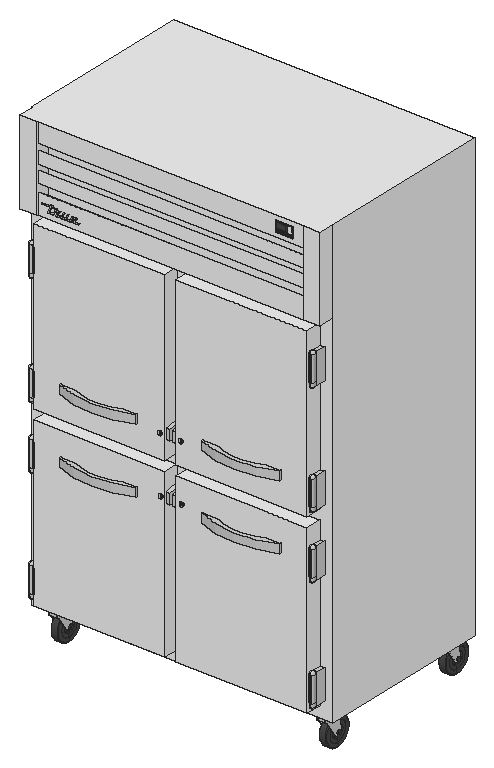
Revit family (continued)
Automatic sketch dimensions
  Extrusion 9 sketch curve to Extrusion 9 sketch curve = 0.06385"
  Extrusion 9 sketch curve to Extrusion 9 sketch curve = 0.02906"
  Extrusion 9 sketch curve to Extrusion 9 sketch curve = 0.02851"
  Extrusion 9 sketch curve to Extrusion 9 sketch curve = 0.29237"
  Extrusion 9 sketch curve to Extrusion 9 sketch curve = 0.00537"
  Extrusion 9 sketch curve to Extrusion 9 sketch curve = 0.0406"
  Extrusion 9 sketch curve to Extrusion 9 sketch curve = 0.04327"
  Extrusion 9 sketch curve to Extrusion 9 sketch curve = 0.02615"
  Extrusion 9 sketch curve to Extrusion 9 sketch curve = 0.11806"
  Extrusion 9 sketch curve to Extrusion 9 sketch curve = 0.15103"
  Extrusion 9 sketch curve to Extrusion 9 sketch curve = 0.10007"
  Extrusion 9 sketch curve to Extrusion 9 sketch curve = 0.5254"
  Extrusion 9 sketch curve to Extrusion 9 sketch curve = 0.14787"
  Extrusion 9 sketch curve to plane 6 "TOP" = 13.64562"
  Extrusion 9 sketch curve to Extrusion 9 sketch curve = 0.07275"
  Extrusion 9 sketch curve to Extrusion 9 sketch curve = 0.05776"
  Extrusion 9 sketch curve to Extrusion 9 sketch curve = 0.08631"
  Extrusion 9 sketch curve to Extrusion 9 sketch curve = 0.09282"
  Extrusion 9 sketch curve to Extrusion 9 sketch curve = 0.13018"
  Extrusion 9 sketch curve to Extrusion 9 sketch curve = 0.16714"
  Extrusion 9 sketch curve to Extrusion 9 sketch curve = 0.11061"
  Extrusion 9 sketch curve to Extrusion 9 sketch curve = 0.06046"
  Extrusion 9 sketch curve to Extrusion 9 sketch curve = 0.16548"
  Extrusion 9 sketch curve to Extrusion 9 sketch curve = 0.14279"
  Extrusion 9 sketch curve to Extrusion 9 sketch curve = 0.0496"
  Extrusion 9 sketch curve to Extrusion 9 sketch curve = 0.07293"
  Extrusion 9 sketch curve to Extrusion 9 sketch curve = 0.07764"
  Extrusion 9 sketch curve to Extrusion 9 sketch curve = 0.03794"
  Extrusion 9 sketch curve to Extrusion 9 sketch curve = 0.08552"
  Extrusion 9 sketch curve to Extrusion 9 sketch curve = 0.09296"
  Extrusion 9 sketch curve to Extrusion 9 sketch curve = 0.09314"
  Extrusion 9 sketch curve to Extrusion 9 sketch curve = 0.02781"
  Extrusion 9 sketch curve to Extrusion 9 sketch curve = 0.04981"
  Extrusion 9 sketch curve to Extrusion 9 sketch curve = 0.09315"
  Extrusion 9 sketch curve to Extrusion 9 sketch curve = 0.04799"
  Extrusion 9 sketch curve to Extrusion 9 sketch curve = 0.02531"
  Extrusion 9 sketch curve to Extrusion 9 sketch curve = 0.03054"
  Extrusion 9 sketch curve to Extrusion 9 sketch curve = 0.2589"
  Extrusion 9 sketch curve to Extrusion 9 sketch curve = 0.0674"
  Extrusion 9 sketch curve to Extrusion 9 sketch curve = 0.0324"
  Extrusion 9 sketch curve to Extrusion 9 sketch curve = 0.26185"
  Extrusion 9 sketch curve to Extrusion 9 sketch curve = 11/256"
  Extrusion 9 sketch curve to Extrusion 9 sketch curve = 0.07366"
  Extrusion 9 sketch curve to Extrusion 9 sketch curve = 0.02187"
  Extrusion 9 sketch curve to Extrusion 9 sketch curve = 0.06479"
  Extrusion 9 sketch curve to Extrusion 9 sketch curve = 0.01183"
  Extrusion 9 sketch curve to Extrusion 9 sketch curve = 0.05778"
  Extrusion 9 sketch curve to Extrusion 9 sketch curve = 0.53375"
  Extrusion 9 sketch curve to Extrusion 9 sketch curve = 0.23098"
  Extrusion 9 sketch curve to Extrusion 9 sketch curve = 0"
  Extrusion 9 sketch curve to Extrusion 9 sketch curve = 0.05045"
  Extrusion 9 sketch curve to Extrusion 9 sketch curve = 0.09139"
  Extrusion 9 sketch curve to Extrusion 9 sketch curve = 29/128"  (x3)
  Extrusion 10 sketch curve to plane 10 = 13/32"
  Extrusion 10 sketch curve to plane 6 "TOP" = 2 1/8"
  plane 5 "FRONT" to Extrusion 11 sketch curve = 0"  (x2)
  plane 9 to Extrusion 11 sketch curve = 4.2625"
  Extrusion 11 sketch curve to Extrusion 11 sketch curve = 2.4"  (x2)
  plane 8 to Extrusion 11 sketch curve = 12 13/32"
  Extrusion 11 sketch curve to Extrusion 11 sketch curve = 0"
  plane 5 "FRONT" to Extrusion 11 sketch curve = 0.2"
  Extrusion 11 sketch curve to plane 5 "FRONT" = 7.77899"
  Extrusion 11 sketch curve to Extrusion 11 sketch curve = 7.30945"
  plane 8 to Blend 12 sketch curve = 15/16"  (x2)
  plane 8 to Blend 12 sketch curve = 3/16"
  plane 7 to Blend 12 sketch curve = 35.99169"
  Blend 12 sketch curve to Blend 12 sketch curve = 1 3/4"
  plane 8 to Blend 12 sketch curve = 0.00527"
  plane 7 to Blend 12 sketch curve = 35.3941"
  Blend 12 sketch curve to Blend 12 sketch curve = 2.78233"
  Blend 13 sketch curve to plane 8 = 1 3/32"
  Blend 13 sketch curve to plane 8 = 11/32"
  plane 7 to Blend 13 sketch curve = 37.74169"
  Blend 13 sketch curve to Blend 13 sketch curve = 1 3/4"
  plane 8 to Blend 13 sketch curve = 1 3/32"
  plane 8 to Blend 13 sketch curve = 0.16152"
  Blend 13 sketch curve to plane 7 = 35.3941"
  Blend 13 sketch curve to Blend 13 sketch curve = 2.78233"
  Extrusion 14 sketch curve to plane 5 "FRONT" = 1/2"
  Extrusion 14 sketch curve to Extrusion 14 sketch curve = 0.43503"
  Extrusion 14 sketch curve to Extrusion 14 sketch curve = 0.20453"
  Extrusion 14 sketch curve to Extrusion 14 sketch curve = 1.61044"
  Extrusion 14 sketch curve to plane 6 "TOP" = 24.88873"
  Extrusion 14 sketch curve to Extrusion 14 sketch curve = 0.71221"
  Extrusion 14 sketch curve to Extrusion 14 sketch curve = 4.39928"
  Revolve 15 sketch curve to plane 5 "FRONT" = 0.07771"  (x2)
  Revolve 15 sketch curve to Revolve 15 sketch curve = 0.38242"
  Revolve 15 sketch curve to Revolve 15 sketch curve = 0.38436"
  Revolve 15 sketch curve to plane 5 "FRONT" = 31/64"
  Revolve 15 sketch curve to Revolve 15 sketch curve = 0.40666"
  Revolve 15 sketch curve to Revolve 15 sketch curve = 0"
  Revolve 15 sketch curve to plane 6 "TOP" = 25.07719"
  Revolve 15 sketch curve to Revolve 15 sketch curve = 0.32931"
  Revolve 15 sketch curve to Revolve 15 sketch curve = 0.51246"
  Revolve 15 sketch curve to Revolve 15 sketch curve = 0.05342"
  Revolve 15 sketch curve to Revolve 15 sketch curve = 4.42889"
  Revolve 15 sketch curve to Revolve 15 sketch curve = 0.04281"
  Revolve 15 sketch curve to Revolve 15 sketch curve = 0.18929"
  Revolve 15 sketch curve to Revolve 15 sketch curve = 0.55526"
  Extrusion 16 sketch curve to plane 9 = 0.96009"
  Extrusion 16 sketch curve to Extrusion 16 sketch curve = 0.39759"
  Extrusion 16 sketch curve to plane 6 "TOP" = 24.12421"
  Extrusion 16 sketch curve to Extrusion 16 sketch curve = 4.47281"
  Extrusion 17 sketch curve to plane 5 "FRONT" = 1/2"
  Extrusion 17 sketch curve to Extrusion 17 sketch curve = 0.43503"
  Extrusion 17 sketch curve to Extrusion 17 sketch curve = 0.20453"
  Extrusion 17 sketch curve to Extrusion 17 sketch curve = 1.61044"
  plane 7 to Extrusion 17 sketch curve = 33.61127"
  Extrusion 17 sketch curve to Extrusion 17 sketch curve = 0.71221"
  Extrusion 17 sketch curve to Extrusion 17 sketch curve = 4.39928"
  Revolve 18 sketch curve to plane 5 "FRONT" = 0.07771"  (x2)
  Revolve 18 sketch curve to Revolve 18 sketch curve = 0.38242"
  Revolve 18 sketch curve to Revolve 18 sketch curve = 0.38436"
  Revolve 18 sketch curve to plane 5 "FRONT" = 31/64"
  Revolve 18 sketch curve to Revolve 18 sketch curve = 0.40666"
  Revolve 18 sketch curve to Revolve 18 sketch curve = 0"
  plane 7 to Revolve 18 sketch curve = 33.42281"
  Revolve 18 sketch curve to Revolve 18 sketch curve = 0.32931"
  Revolve 18 sketch curve to Revolve 18 sketch curve = 0.51246"
  Revolve 18 sketch curve to Revolve 18 sketch curve = 0.05342"
  Revolve 18 sketch curve to Revolve 18 sketch curve = 4.42889"
  Revolve 18 sketch curve to Revolve 18 sketch curve = 0.04281"
  Revolve 18 sketch curve to Revolve 18 sketch curve = 0.18929"
  Revolve 18 sketch curve to Revolve 18 sketch curve = 0.55526"
  Extrusion 19 sketch curve to plane 9 = 0.96009"
  Extrusion 19 sketch curve to Extrusion 19 sketch curve = 0.39759"
  plane 7 to Extrusion 19 sketch curve = 34.37579"
  Extrusion 19 sketch curve to Extrusion 19 sketch curve = 4.47281"
  Extrusion 20 sketch curve to plane 5 "FRONT" = 1/2"
  Extrusion 20 sketch curve to Extrusion 20 sketch curve = 0.43503"
  Extrusion 20 sketch curve to Extrusion 20 sketch curve = 0.20453"
  Extrusion 20 sketch curve to Extrusion 20 sketch curve = 1.61044"
  plane 7 to Extrusion 20 sketch curve = 22.61127"
  Extrusion 20 sketch curve to Extrusion 20 sketch curve = 0.71221"
  Extrusion 20 sketch curve to Extrusion 20 sketch curve = 4.39928"
  Revolve 21 sketch curve to plane 5 "FRONT" = 0.07771"  (x2)
  Revolve 21 sketch curve to Revolve 21 sketch curve = 0.38242"
  Revolve 21 sketch curve to Revolve 21 sketch curve = 0.38436"
  Revolve 21 sketch curve to plane 5 "FRONT" = 31/64"
  Revolve 21 sketch curve to Revolve 21 sketch curve = 0.40666"
  Revolve 21 sketch curve to Revolve 21 sketch curve = 0"
  plane 7 to Revolve 21 sketch curve = 22.42281"
  Revolve 21 sketch curve to Revolve 21 sketch curve = 0.32931"
  Revolve 21 sketch curve to Revolve 21 sketch curve = 0.51246"
  Revolve 21 sketch curve to Revolve 21 sketch curve = 0.05342"
  Revolve 21 sketch curve to Revolve 21 sketch curve = 4.42889"
  Revolve 21 sketch curve to Revolve 21 sketch curve = 0.04281"
  Revolve 21 sketch curve to Revolve 21 sketch curve = 0.18929"
  Revolve 21 sketch curve to Revolve 21 sketch curve = 0.55526"
  Extrusion 22 sketch curve to plane 9 = 0.96009"
  Extrusion 22 sketch curve to Extrusion 22 sketch curve = 0.39759"
  plane 7 to Extrusion 22 sketch curve = 23.37579"
  Extrusion 22 sketch curve to Extrusion 22 sketch curve = 4.47281"
  Extrusion 23 sketch curve to plane 5 "FRONT" = 1/2"
  Extrusion 23 sketch curve to Extrusion 23 sketch curve = 0.43503"
  Extrusion 23 sketch curve to Extrusion 23 sketch curve = 0.20453"
  Extrusion 23 sketch curve to Extrusion 23 sketch curve = 1.61044"
  plane 7 to Extrusion 23 sketch curve = 2.86127"
  Extrusion 23 sketch curve to Extrusion 23 sketch curve = 0.71221"
  Extrusion 23 sketch curve to Extrusion 23 sketch curve = 4.39928"
  Revolve 24 sketch curve to plane 5 "FRONT" = 0.07771"  (x2)
  Revolve 24 sketch curve to Revolve 24 sketch curve = 0.38242"
  Revolve 24 sketch curve to Revolve 24 sketch curve = 0.38436"
  Revolve 24 sketch curve to plane 5 "FRONT" = 31/64"
  Revolve 24 sketch curve to Revolve 24 sketch curve = 0.40666"
  Revolve 24 sketch curve to Revolve 24 sketch curve = 0"
  plane 7 to Revolve 24 sketch curve = 2.67281"
  Revolve 24 sketch curve to Revolve 24 sketch curve = 0.32931"
  Revolve 24 sketch curve to Revolve 24 sketch curve = 0.51246"
  Revolve 24 sketch curve to Revolve 24 sketch curve = 0.05342"
  Revolve 24 sketch curve to Revolve 24 sketch curve = 4.42889"
  Revolve 24 sketch curve to Revolve 24 sketch curve = 0.04281"
  Revolve 24 sketch curve to Revolve 24 sketch curve = 0.18929"
  Revolve 24 sketch curve to Revolve 24 sketch curve = 0.55526"
  Extrusion 25 sketch curve to plane 9 = 0.96009"
  Extrusion 25 sketch curve to Extrusion 25 sketch curve = 0.39759"
  plane 7 to Extrusion 25 sketch curve = 3.62579"
  Extrusion 25 sketch curve to Extrusion 25 sketch curve = 4.47281"
  Extrusion 26 sketch curve to plane 5 "FRONT" = 1/2"
  Extrusion 26 sketch curve to Extrusion 26 sketch curve = 0.43503"
  Extrusion 26 sketch curve to Extrusion 26 sketch curve = 0.20453"
  Extrusion 26 sketch curve to Extrusion 26 sketch curve = 1.61044"
  Extrusion 26 sketch curve to plane 6 "TOP" = 19.57271"
  Extrusion 26 sketch curve to Extrusion 26 sketch curve = 4.39928"
  Extrusion 26 sketch curve to Extrusion 26 sketch curve = 0.71221"
  Revolve 27 sketch curve to plane 5 "FRONT" = 0.07771"  (x2)
  Revolve 27 sketch curve to Revolve 27 sketch curve = 0.38242"
  Revolve 27 sketch curve to Revolve 27 sketch curve = 0.38436"
  Revolve 27 sketch curve to plane 5 "FRONT" = 31/64"
  Revolve 27 sketch curve to Revolve 27 sketch curve = 0.40666"
  Revolve 27 sketch curve to Revolve 27 sketch curve = 0"
  Revolve 27 sketch curve to plane 6 "TOP" = 18.75492"
  Revolve 27 sketch curve to Revolve 27 sketch curve = 0.55526"
  Revolve 27 sketch curve to Revolve 27 sketch curve = 0.19474"
  Revolve 27 sketch curve to Revolve 27 sketch curve = 0.14649"
  Revolve 27 sketch curve to Revolve 27 sketch curve = 4.42889"
  Revolve 27 sketch curve to Revolve 27 sketch curve = 0.05342"
  Revolve 27 sketch curve to Revolve 27 sketch curve = 0.51246"
  Revolve 27 sketch curve to Revolve 27 sketch curve = 0.05889"
  plane 10 to Extrusion 28 sketch curve = 0.96009"
  Extrusion 28 sketch curve to Extrusion 28 sketch curve = 0.39759"
  Extrusion 28 sketch curve to plane 6 "TOP" = 19.6514"
  Extrusion 28 sketch curve to Extrusion 28 sketch curve = 4.47281"
  Extrusion 29 sketch curve to plane 5 "FRONT" = 1/2"
  Extrusion 29 sketch curve to Extrusion 29 sketch curve = 0.43503"
  Extrusion 29 sketch curve to Extrusion 29 sketch curve = 0.20453"
  Extrusion 29 sketch curve to Extrusion 29 sketch curve = 1.61044"
  plane 7 to Extrusion 29 sketch curve = 38.92729"
  Extrusion 29 sketch curve to Extrusion 29 sketch curve = 4.39928"
  Extrusion 29 sketch curve to Extrusion 29 sketch curve = 0.71221"
  Revolve 30 sketch curve to plane 5 "FRONT" = 0.07771"  (x2)
  Revolve 30 sketch curve to Revolve 30 sketch curve = 0.38242"
  Revolve 30 sketch curve to Revolve 30 sketch curve = 0.38436"
  Revolve 30 sketch curve to plane 5 "FRONT" = 31/64"
  Revolve 30 sketch curve to Revolve 30 sketch curve = 0.40666"
  Revolve 30 sketch curve to Revolve 30 sketch curve = 0"
  Revolve 30 sketch curve to plane 6 "TOP" = 38.25492"
  Revolve 30 sketch curve to Revolve 30 sketch curve = 0.55526"
  Revolve 30 sketch curve to Revolve 30 sketch curve = 0.19474"
  Revolve 30 sketch curve to Revolve 30 sketch curve = 0.14649"
  Revolve 30 sketch curve to Revolve 30 sketch curve = 4.42889"
  Revolve 30 sketch curve to Revolve 30 sketch curve = 0.05342"
  Revolve 30 sketch curve to Revolve 30 sketch curve = 0.51246"
  Revolve 30 sketch curve to Revolve 30 sketch curve = 0.05889"
  plane 10 to Extrusion 31 sketch curve = 0.96009"
  Extrusion 31 sketch curve to Extrusion 31 sketch curve = 0.39759"
  plane 7 to Extrusion 31 sketch curve = 38.8486"
  Extrusion 31 sketch curve to Extrusion 31 sketch curve = 4.47281"
  Extrusion 32 sketch curve to plane 5 "FRONT" = 1/2"
  Extrusion 32 sketch curve to Extrusion 32 sketch curve = 0.43503"
  Extrusion 32 sketch curve to Extrusion 32 sketch curve = 0.20453"
  Extrusion 32 sketch curve to Extrusion 32 sketch curve = 1.61044"
  plane 7 to Extrusion 32 sketch curve = 27.92729"
  Extrusion 32 sketch curve to Extrusion 32 sketch curve = 4.39928"
  Extrusion 32 sketch curve to Extrusion 32 sketch curve = 0.71221"
  Revolve 33 sketch curve to plane 5 "FRONT" = 0.07771"  (x2)
  Revolve 33 sketch curve to Revolve 33 sketch curve = 0.38242"
  Revolve 33 sketch curve to Revolve 33 sketch curve = 0.38436"
  Revolve 33 sketch curve to plane 5 "FRONT" = 31/64"
  Revolve 33 sketch curve to Revolve 33 sketch curve = 0.40666"
  Revolve 33 sketch curve to Revolve 33 sketch curve = 0"
  plane 7 to Revolve 33 sketch curve = 28.74508"
  Revolve 33 sketch curve to Revolve 33 sketch curve = 0.55526"
  Revolve 33 sketch curve to Revolve 33 sketch curve = 0.19474"
  Revolve 33 sketch curve to Revolve 33 sketch curve = 0.14649"
  Revolve 33 sketch curve to Revolve 33 sketch curve = 4.42889"
  Revolve 33 sketch curve to Revolve 33 sketch curve = 0.05342"
  Revolve 33 sketch curve to Revolve 33 sketch curve = 0.51246"
  Revolve 33 sketch curve to Revolve 33 sketch curve = 0.05889"
  plane 10 to Extrusion 34 sketch curve = 0.96009"
  Extrusion 34 sketch curve to Extrusion 34 sketch curve = 0.39759"
  plane 7 to Extrusion 34 sketch curve = 27.8486"
  Extrusion 34 sketch curve to Extrusion 34 sketch curve = 4.47281"
  Extrusion 35 sketch curve to plane 5 "FRONT" = 1/2"
  Extrusion 35 sketch curve to Extrusion 35 sketch curve = 0.43503"
  Extrusion 35 sketch curve to Extrusion 35 sketch curve = 0.20453"
  Extrusion 35 sketch curve to Extrusion 35 sketch curve = 1.61044"
  plane 7 to Extrusion 35 sketch curve = 8.17729"
  plane 7 to Extrusion 35 sketch curve = 3.57348"
  Extrusion 35 sketch curve to Extrusion 35 sketch curve = 0.71221"
  Revolve 36 sketch curve to plane 5 "FRONT" = 0.07771"  (x2)
  Revolve 36 sketch curve to Revolve 36 sketch curve = 0.38242"
  Revolve 36 sketch curve to Revolve 36 sketch curve = 0.38436"
  Revolve 36 sketch curve to plane 5 "FRONT" = 31/64"
  Revolve 36 sketch curve to Revolve 36 sketch curve = 0.40666"
  Revolve 36 sketch curve to Revolve 36 sketch curve = 0"
  plane 7 to Revolve 36 sketch curve = 8.99508"
  Revolve 36 sketch curve to Revolve 36 sketch curve = 0.55526"
  Revolve 36 sketch curve to Revolve 36 sketch curve = 0.19474"
  Revolve 36 sketch curve to Revolve 36 sketch curve = 0.14649"
  plane 7 to Revolve 36 sketch curve = 3.62689"
  Revolve 36 sketch curve to Revolve 36 sketch curve = 0.05342"
  Revolve 36 sketch curve to Revolve 36 sketch curve = 0.51246"
  Revolve 36 sketch curve to Revolve 36 sketch curve = 0.05889"
  plane 10 to Extrusion 37 sketch curve = 0.96009"
  Extrusion 37 sketch curve to Extrusion 37 sketch curve = 0.39759"
  plane 7 to Extrusion 37 sketch curve = 8.0986"
  plane 7 to Extrusion 37 sketch curve = 3.62579"
  Revolve 38 sketch curve to plane 10 = 1.50773"
  Revolve 38 sketch curve to Revolve 38 sketch curve = 0.48273"
  Revolve 38 sketch curve to plane 10 = 5/8"  (x2)
  Revolve 38 sketch curve to Revolve 38 sketch curve = 0.1"  (x2)
  Revolve 38 sketch curve to Revolve 38 sketch curve = 0.16101"
  plane 10 to Revolve 38 sketch curve = 0.12908"
  plane 10 to Revolve 38 sketch curve = 0.46399"
  plane 10 to Revolve 38 sketch curve = 0.525"
  Revolve 38 sketch curve to Revolve 38 sketch curve = 1/2"
  Revolve 38 sketch curve to Revolve 38 sketch curve = 0.16509"
  Revolve 38 sketch curve to Revolve 38 sketch curve = 0.39592"
  level to Revolve 38 sketch curve = 2 1/2"
  Revolve 38 sketch curve to Revolve 38 sketch curve = 0"
  Revolve 38 sketch curve to Revolve 38 sketch curve = 0.29941"  (x2)
  Revolve 38 sketch curve to Revolve 38 sketch curve = 3/4"  (x4)
  Revolve 38 sketch curve to Revolve 38 sketch curve = 0.59652"
  Revolve 38 sketch curve to Revolve 38 sketch curve = 0.60059"
  Extrusion 39 sketch curve to plane 7 = 0.63926"  (x2)
  Extrusion 39 sketch curve to plane 5 "FRONT" = 3.79864"
  Extrusion 39 sketch curve to Extrusion 39 sketch curve = 1/4"  (x2)
  level to Extrusion 39 sketch curve = 2.18736"  (x2)
  Extrusion 39 sketch curve to Extrusion 39 sketch curve = 1.7492"
  Extrusion 39 sketch curve to Extrusion 39 sketch curve = 0.50669"  (x2)
  Extrusion 39 sketch curve to Extrusion 39 sketch curve = 2 1/2"
  level to Extrusion 39 sketch curve = 2.59003"
  Extrusion 39 sketch curve to Extrusion 39 sketch curve = 0.59966"  (x2)
  plane 1 "BACK" to Extrusion 39 sketch curve = 3.8577"
  plane 1 "BACK" to Extrusion 39 sketch curve = 1.8585"
  plane 1 "BACK" to Extrusion 39 sketch curve = 1.1077"
  Extrusion 39 sketch curve to Extrusion 39 sketch curve = 0.32905"
  Extrusion 39 sketch curve to Extrusion 39 sketch curve = 0.60485"  (x2)
  Extrusion 40 sketch curve to plane 7 = 0.63926"  (x2)
  Extrusion 40 sketch curve to plane 5 "FRONT" = 3.79864"
  Extrusion 40 sketch curve to Extrusion 40 sketch curve = 1/4"  (x2)
  level to Extrusion 40 sketch curve = 2.18736"  (x2)
  Extrusion 40 sketch curve to Extrusion 40 sketch curve = 1.7492"
  Extrusion 40 sketch curve to Extrusion 40 sketch curve = 0.50669"  (x2)
  Extrusion 40 sketch curve to Extrusion 40 sketch curve = 2 1/2"
  level to Extrusion 40 sketch curve = 2.59003"
  Extrusion 40 sketch curve to Extrusion 40 sketch curve = 0.59966"  (x2)
  plane 1 "BACK" to Extrusion 40 sketch curve = 3.8577"
  plane 1 "BACK" to Extrusion 40 sketch curve = 1.8585"
  plane 1 "BACK" to Extrusion 40 sketch curve = 1.1077"
  Extrusion 40 sketch curve to Extrusion 40 sketch curve = 0.32905"
  Extrusion 40 sketch curve to Extrusion 40 sketch curve = 0.60485"  (x2)
  Revolve 41 sketch curve to plane 10 = 0"  (x2)
  Revolve 41 sketch curve to plane 7 = 0.62954"
  Revolve 41 sketch curve to plane 10 = 1.29707"
  Revolve 41 sketch curve to Revolve 41 sketch curve = 0.10278"
  Revolve 41 sketch curve to plane 7 = 0.00141"
  plane 7 to Revolve 41 sketch curve = 0.26768"
  Revolve 42 sketch curve to level = 0"
  Revolve 42 sketch curve to plane 10 = 0"  (x2)
  Revolve 42 sketch curve to plane 10 = 1/2"
  Revolve 42 sketch curve to Revolve 42 sketch curve = 1/4"
  Revolve 42 sketch curve to plane 7 = 0"
  Revolve 42 sketch curve to Revolve 42 sketch curve = 1.33338"
  level to Revolve 42 sketch curve = 1"
  Revolve 42 sketch curve to Revolve 42 sketch curve = 5/8"
  plane 7 to Revolve 42 sketch curve = 1 25/32"
  Revolve 43 sketch curve to level = 0"
  Revolve 43 sketch curve to plane 10 = 0"  (x2)
  Revolve 43 sketch curve to plane 10 = 1/2"
  Revolve 43 sketch curve to Revolve 43 sketch curve = 1/4"
  Revolve 43 sketch curve to plane 7 = 0"
  Revolve 43 sketch curve to Revolve 43 sketch curve = 1.33338"
  level to Revolve 43 sketch curve = 1"
  Revolve 43 sketch curve to Revolve 43 sketch curve = 5/8"
  plane 7 to Revolve 43 sketch curve = 1 25/32"
  Revolve 44 sketch curve to plane 10 = 0"  (x2)
  Revolve 44 sketch curve to plane 7 = 0.62954"
  Revolve 44 sketch curve to plane 10 = 1.29707"
  Revolve 44 sketch curve to Revolve 44 sketch curve = 0.10278"
  Revolve 44 sketch curve to plane 7 = 0.00141"
  plane 7 to Revolve 44 sketch curve = 0.26768"
  Extrusion 45 sketch curve to plane 7 = 0.63926"  (x2)
  Extrusion 45 sketch curve to plane 5 "FRONT" = 3.79864"
  Extrusion 45 sketch curve to Extrusion 45 sketch curve = 1/4"  (x2)
  Extrusion 45 sketch curve to Extrusion 45 sketch curve = 2 1/2"
  Extrusion 45 sketch curve to plane 7 = 0.93273"  (x2)
  Extrusion 45 sketch curve to Extrusion 45 sketch curve = 0.03603"
  plane 1 "BACK" to Extrusion 45 sketch curve = 3.8577"
  Extrusion 45 sketch curve to plane 7 = 1.24411"
  plane 1 "BACK" to Extrusion 45 sketch curve = 1.1077"
  Revolve 46 sketch curve to plane 10 = 1.50773"
  Revolve 46 sketch curve to Revolve 46 sketch curve = 0.48273"
  Revolve 46 sketch curve to plane 10 = 5/8"  (x2)
  Revolve 46 sketch curve to Revolve 46 sketch curve = 0.1"  (x2)
  Revolve 46 sketch curve to Revolve 46 sketch curve = 0.16101"
  plane 10 to Revolve 46 sketch curve = 0.12908"
  plane 10 to Revolve 46 sketch curve = 0.46399"
  plane 10 to Revolve 46 sketch curve = 0.525"
  Revolve 46 sketch curve to Revolve 46 sketch curve = 1/2"
  Revolve 46 sketch curve to Revolve 46 sketch curve = 0.16509"
  Revolve 46 sketch curve to Revolve 46 sketch curve = 0.39592"
  level to Revolve 46 sketch curve = 2 1/2"
  Revolve 46 sketch curve to Revolve 46 sketch curve = 0"
  Revolve 46 sketch curve to Revolve 46 sketch curve = 0.29941"  (x2)
  Revolve 46 sketch curve to Revolve 46 sketch curve = 3/4"  (x4)
  Revolve 46 sketch curve to Revolve 46 sketch curve = 0.59652"
  Revolve 46 sketch curve to Revolve 46 sketch curve = 0.60059"
  plane 3 "LEFT" to Revolve 47 sketch curve = 1.33602"
  Revolve 47 sketch curve to Revolve 47 sketch curve = 0.48273"
  Revolve 47 sketch curve to plane 9 = 5/8"  (x2)
  Revolve 47 sketch curve to Revolve 47 sketch curve = 0.1"  (x2)
  Revolve 47 sketch curve to Revolve 47 sketch curve = 0.16101"
  plane 9 to Revolve 47 sketch curve = 0.12908"
  plane 9 to Revolve 47 sketch curve = 0.46399"
  plane 9 to Revolve 47 sketch curve = 0.525"
  Revolve 47 sketch curve to Revolve 47 sketch curve = 1/2"
  Revolve 47 sketch curve to Revolve 47 sketch curve = 0.16509"
  Revolve 47 sketch curve to Revolve 47 sketch curve = 0.39592"
  level to Revolve 47 sketch curve = 2 1/2"
  Revolve 47 sketch curve to Revolve 47 sketch curve = 0"
  Revolve 47 sketch curve to Revolve 47 sketch curve = 0.29941"  (x2)
  Revolve 47 sketch curve to Revolve 47 sketch curve = 3/4"  (x4)
  Revolve 47 sketch curve to Revolve 47 sketch curve = 0.59652"
  Revolve 47 sketch curve to Revolve 47 sketch curve = 0.60059"
  Extrusion 48 sketch curve to plane 7 = 0.63926"  (x2)
  Extrusion 48 sketch curve to plane 5 "FRONT" = 3.79864"
  Extrusion 48 sketch curve to Extrusion 48 sketch curve = 1/4"  (x2)
  level to Extrusion 48 sketch curve = 2.18736"  (x2)
  Extrusion 48 sketch curve to Extrusion 48 sketch curve = 1.7492"
  Extrusion 48 sketch curve to Extrusion 48 sketch curve = 0.50669"  (x2)
  Extrusion 48 sketch curve to Extrusion 48 sketch curve = 2 1/2"
  level to Extrusion 48 sketch curve = 2.59003"
  Extrusion 48 sketch curve to Extrusion 48 sketch curve = 0.59966"  (x2)
  plane 1 "BACK" to Extrusion 48 sketch curve = 3.8577"
  plane 1 "BACK" to Extrusion 48 sketch curve = 1.8585"
  plane 1 "BACK" to Extrusion 48 sketch curve = 1.1077"
  Extrusion 48 sketch curve to Extrusion 48 sketch curve = 0.32905"
  Extrusion 48 sketch curve to Extrusion 48 sketch curve = 0.60485"  (x2)
  Extrusion 49 sketch curve to plane 7 = 0.63926"  (x2)
  Extrusion 49 sketch curve to plane 5 "FRONT" = 3.79864"
  Extrusion 49 sketch curve to Extrusion 49 sketch curve = 1/4"  (x2)
  level to Extrusion 49 sketch curve = 2.18736"  (x2)
  Extrusion 49 sketch curve to Extrusion 49 sketch curve = 1.7492"
  Extrusion 49 sketch curve to Extrusion 49 sketch curve = 0.50669"  (x2)
  Extrusion 49 sketch curve to Extrusion 49 sketch curve = 2 1/2"
  level to Extrusion 49 sketch curve = 2.59003"
  Extrusion 49 sketch curve to Extrusion 49 sketch curve = 0.59966"  (x2)
  plane 1 "BACK" to Extrusion 49 sketch curve = 3.8577"
  plane 1 "BACK" to Extrusion 49 sketch curve = 1.8585"
  plane 1 "BACK" to Extrusion 49 sketch curve = 1.1077"
  Extrusion 49 sketch curve to Extrusion 49 sketch curve = 0.32905"
  Extrusion 49 sketch curve to Extrusion 49 sketch curve = 0.60485"  (x2)
  Revolve 50 sketch curve to plane 9 = 0"  (x2)
  Revolve 50 sketch curve to plane 7 = 0.62954"
  Revolve 50 sketch curve to plane 9 = 1.29707"
  Revolve 50 sketch curve to Revolve 50 sketch curve = 0.10278"
  Revolve 50 sketch curve to plane 7 = 0.00141"
  plane 7 to Revolve 50 sketch curve = 0.26768"
  Revolve 51 sketch curve to level = 0"
  Revolve 51 sketch curve to plane 9 = 0"  (x2)
  Revolve 51 sketch curve to plane 9 = 1/2"
  Revolve 51 sketch curve to Revolve 51 sketch curve = 1/4"
  Revolve 51 sketch curve to plane 7 = 0"
  Revolve 51 sketch curve to plane 9 = 1.33338"
  level to Revolve 51 sketch curve = 1"
  Revolve 51 sketch curve to Revolve 51 sketch curve = 5/8"
  plane 7 to Revolve 51 sketch curve = 1 25/32"
  Revolve 52 sketch curve to level = 0"
  Revolve 52 sketch curve to plane 9 = 0"  (x2)
  Revolve 52 sketch curve to plane 9 = 1/2"
  Revolve 52 sketch curve to Revolve 52 sketch curve = 1/4"
  Revolve 52 sketch curve to plane 7 = 0"
  Revolve 52 sketch curve to plane 9 = 1.33338"
  level to Revolve 52 sketch curve = 1"
  Revolve 52 sketch curve to Revolve 52 sketch curve = 5/8"
  plane 7 to Revolve 52 sketch curve = 1 25/32"
  Revolve 53 sketch curve to plane 9 = 0"  (x2)
  Revolve 53 sketch curve to plane 7 = 0.62954"
  Revolve 53 sketch curve to plane 9 = 1.29707"
  Revolve 53 sketch curve to Revolve 53 sketch curve = 0.10278"
  Revolve 53 sketch curve to plane 7 = 0.00141"
  plane 7 to Revolve 53 sketch curve = 0.26768"
  Extrusion 54 sketch curve to plane 7 = 0.63926"  (x2)
  Extrusion 54 sketch curve to plane 5 "FRONT" = 3.79864"
  Extrusion 54 sketch curve to Extrusion 54 sketch curve = 1/4"  (x2)
  Extrusion 54 sketch curve to Extrusion 54 sketch curve = 2 1/2"
  Extrusion 54 sketch curve to plane 7 = 0.93273"  (x2)
  Extrusion 54 sketch curve to Extrusion 54 sketch curve = 0.03603"
  plane 1 "BACK" to Extrusion 54 sketch curve = 3.8577"
  Extrusion 54 sketch curve to plane 7 = 1.24411"
  plane 1 "BACK" to Extrusion 54 sketch curve = 1.1077"
  plane 3 "LEFT" to Revolve 55 sketch curve = 1.33602"
  Revolve 55 sketch curve to Revolve 55 sketch curve = 0.48273"
  Revolve 55 sketch curve to plane 9 = 5/8"  (x2)
  Revolve 55 sketch curve to Revolve 55 sketch curve = 0.1"  (x2)
  Revolve 55 sketch curve to Revolve 55 sketch curve = 0.16101"
  plane 9 to Revolve 55 sketch curve = 0.12908"
  plane 9 to Revolve 55 sketch curve = 0.46399"
  plane 9 to Revolve 55 sketch curve = 0.525"
  Revolve 55 sketch curve to Revolve 55 sketch curve = 1/2"
  Revolve 55 sketch curve to Revolve 55 sketch curve = 0.16509"
  Revolve 55 sketch curve to Revolve 55 sketch curve = 0.39592"
  level to Revolve 55 sketch curve = 2 1/2"
  Revolve 55 sketch curve to Revolve 55 sketch curve = 0"
  Revolve 55 sketch curve to Revolve 55 sketch curve = 0.29941"  (x2)
  Revolve 55 sketch curve to Revolve 55 sketch curve = 3/4"  (x4)
  Revolve 55 sketch curve to Revolve 55 sketch curve = 0.59652"
  Revolve 55 sketch curve to Revolve 55 sketch curve = 0.60059"
  Extrusion 56 sketch curve to plane 6 "TOP" = 2.55982"
  Extrusion 56 sketch curve to plane 10 = 5.12093"
  Extrusion 56 sketch curve to plane 10 = 2.21468"
  Extrusion 56 sketch curve to plane 6 "TOP" = 13/16"
  Extrusion 57 sketch curve to plane 6 "TOP" = 3/4"
  Extrusion 57 sketch curve to plane 10 = 5.18343"
  Extrusion 57 sketch curve to Extrusion 57 sketch curve = 1/16"  (x4)
  Extrusion 57 sketch curve to Extrusion 57 sketch curve = 0.1375"  (x2)
  Extrusion 57 sketch curve to Extrusion 57 sketch curve = 1/4"  (x4)
  Extrusion 57 sketch curve to Extrusion 57 sketch curve = 0.44601"
  Extrusion 57 sketch curve to Extrusion 57 sketch curve = 1/2"  (x2)
  Extrusion 57 sketch curve to Extrusion 57 sketch curve = 0.0035"
  Extrusion 57 sketch curve to Extrusion 57 sketch curve = 1.06923"
  Extrusion 57 sketch curve to plane 6 "TOP" = 0.95"
  Extrusion 57 sketch curve to Extrusion 57 sketch curve = 1"
  Extrusion 57 sketch curve to Extrusion 57 sketch curve = 0.34106"  (x3)
  Extrusion 57 sketch curve to Extrusion 57 sketch curve = 0"
  Extrusion 57 sketch curve to Extrusion 57 sketch curve = 0.26876"
  Extrusion 59 sketch curve to plane 9 = 0"
  Extrusion 59 sketch curve to plane 5 "FRONT" = 5.09023"
  Extrusion 60 sketch curve to plane 9 = 0"
  plane 1 "BACK" to Extrusion 60 sketch curve = 2.69102"
  Extrusion 61 sketch curve to plane 10 = 0"
  plane 1 "BACK" to Extrusion 61 sketch curve = 2.69102"
  Extrusion 62 sketch curve to plane 10 = 0"
  Extrusion 62 sketch curve to plane 5 "FRONT" = 5.09023"
  plane 5 "FRONT" to Extrusion 63 sketch curve = 0"  (x2)
  plane 10 to Extrusion 63 sketch curve = 13/32"
  Extrusion 63 sketch curve to plane 8 = 1 3/32"
  plane 8 to Extrusion 63 sketch curve = 15/16"
  Extrusion 63 sketch curve to plane 9 = 9/16"
  plane 8 to Extrusion 64 sketch curve = 1 153/256"
  Extrusion 64 sketch curve to Extrusion 64 sketch curve = 9/256"
  Extrusion 64 sketch curve to Extrusion 64 sketch curve = 0.0555"  (x2)
  Extrusion 64 sketch curve to plane 8 = 2.04215"
  Extrusion 64 sketch curve to Extrusion 64 sketch curve = 0.02035"
  plane 7 to Extrusion 64 sketch curve = 26.66365"
  Extrusion 64 sketch curve to Extrusion 64 sketch curve = 0"
  Extrusion 64 sketch curve to Extrusion 64 sketch curve = 0.27385"  (x2)
  Extrusion 64 sketch curve to Extrusion 64 sketch curve = 0.29355"  (x2)
  plane 8 to Blend 65 sketch curve = 15/16"
  plane 8 to Blend 65 sketch curve = 3/16"
  plane 7 to Blend 65 sketch curve = 26.00831"
  Blend 65 sketch curve to Blend 65 sketch curve = 1 3/4"
  Blend 65 sketch curve to plane 8 = 15/16"
  Blend 65 sketch curve to plane 8 = 0.00527"
  Blend 65 sketch curve to plane 7 = 28.3559"
  Blend 65 sketch curve to Blend 65 sketch curve = 2.78233"
  Blend 66 sketch curve to plane 8 = 1 3/32"  (x2)
  Blend 66 sketch curve to plane 8 = 11/32"
  plane 7 to Blend 66 sketch curve = 27.75831"
  Blend 66 sketch curve to Blend 66 sketch curve = 1 3/4"
  Blend 66 sketch curve to plane 8 = 0.16152"
  plane 7 to Blend 66 sketch curve = 28.3559"
  Blend 66 sketch curve to Blend 66 sketch curve = 2.78233"
  plane 5 "FRONT" to Extrusion 67 sketch curve = 0"  (x2)
  Extrusion 67 sketch curve to plane 8 = 5.7625"
  Extrusion 67 sketch curve to Extrusion 67 sketch curve = 2.4"  (x2)
  Extrusion 67 sketch curve to Extrusion 67 sketch curve = 4.4"
  Extrusion 67 sketch curve to Extrusion 67 sketch curve = 0"
  Extrusion 67 sketch curve to Extrusion 67 sketch curve = 0.2"
  Extrusion 67 sketch curve to plane 5 "FRONT" = 7.77899"
  Extrusion 67 sketch curve to Extrusion 67 sketch curve = 7.30945"
  plane 5 "FRONT" to Extrusion 68 sketch curve = 0"  (x2)
  plane 9 to Extrusion 68 sketch curve = 4.2625"
  Extrusion 68 sketch curve to Extrusion 68 sketch curve = 2.4"  (x2)
  plane 8 to Extrusion 68 sketch curve = 12 13/32"
  Extrusion 68 sketch curve to Extrusion 68 sketch curve = 0"
  plane 5 "FRONT" to Extrusion 68 sketch curve = 0.2"
  Extrusion 68 sketch curve to plane 5 "FRONT" = 7.77899"
  Extrusion 68 sketch curve to Extrusion 68 sketch curve = 7.30945"
  Extrusion 6 sketch curve to plane 12 = 15/16"
  plane 5 "FRONT" to Extrusion 58 sketch curve = 0"  (x2)
  plane 10 to Extrusion 58 sketch curve = 13/32"
  Extrusion 58 sketch curve to plane 12 = 15/16"
  plane 8 to Extrusion 58 sketch curve = 15/16"
  Extrusion 58 sketch curve to plane 9 = 9/16"
  radius of Extrusion 8 sketch curve = 0.35"  (x2)
  radius of Extrusion 10 sketch curve = 1/4"
  radius of Extrusion 59 sketch curve = 1 1/2"
  radius of Extrusion 60 sketch curve = 1 1/2"
  radius of Extrusion 61 sketch curve = 1 1/2"
  radius of Extrusion 62 sketch curve = 1 1/2"
  radius of Extrusion 64 sketch curve = 0.35"  (x2)
Connectors (in)
  electrical at (49.53125, -0.0625, 82), driven by "Volts", driven by "Watts"
    settings: on Extrusion 10, index 1, voltage 115 V, apparent load 1334 VA, apparent load phase1 0 VA, apparent load phase2 0 VA, apparent load phase3 0 VA, power factor 1, load classification "Other", number of poles 1, system type 30, power factor state 1, is connector primary yes, connector utility no, sub classification motor no, connector description "Electrical Connection"
